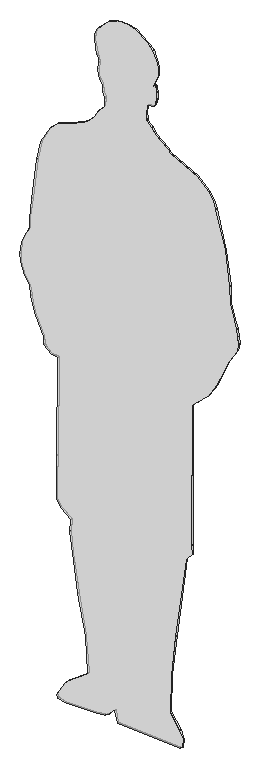
Revit family "Flat Man 21", category Entourage, Revit 2015
Parameters
  Flat Material [instance] = none
  Height = 0 mm
Reference planes
  plane 1 "Center (Front/Back)": y = 0
  plane 2: z = 0
  plane 3 "Center (Left/Right)": x = 0
Forms (mm)
  Extrusion 1, solid, material <- "Flat Material"
    sketch origin (0, 0, 0) x (1, 0, 0) y (0, 0, 1)
      loop
        line (-175.608, 897.335) -> (-169.718, 889.097) -> (-154.423, 879.683) -> (-135.586, 878.506) -> (-139.012, 625.143) -> (-141.04, 564.15) -> (-141.04, 527.554) -> (-141.04, 511.288) -> (-128.847, 495.024) -> (-98.343, 476.725) -> (-101.471, 443.991) -> (-94.819, 390.972) -> (-79.34, 292.343) -> (-57.257, 191.254) -> (-50.77, 97.532) -> (-106.725, 59.66) -> (-117.71, 49.795) -> (-139.739, 13.781) -> (-136.008, 4.099) -> (-111.56, -0.631) -> (-26.111, 4.236) -> (-1.868, 8.278) -> (10.258, 13.666) -> (16.991, 21.748) -> (26.419, 29.831) -> (34.41, 0) -> (213.218, 0) -> (220.4, 2.695) -> (223.089, 24.248) -> (212.315, 44.455) -> (185.662, 82.361) -> (188.827, 175.289) -> (200.975, 281.404) -> (231.026, 488.922) -> (249.325, 507.221) -> (247.291, 531.618) -> (249.419, 889.452) -> (264.265, 903.156) -> (295.102, 929.424) -> (319.093, 964.83) -> (337.363, 1003.66) -> (354.49, 1039.07) -> (377.332, 1074.471) -> (381.911, 1092.741) -> (378.481, 1111.021) -> (376.196, 1130.43) -> (368.201, 1149.851) -> (357.92, 1188.681) -> (355.639, 1233.221) -> (343.069, 1318.88) -> (315.662, 1414.822) -> (308.813, 1436.522) -> (296.252, 1453.651) -> (263.13, 1482.201) -> (183.606, 1515.491) -> (182.268, 1518.421) -> (179.601, 1521.091) -> (159.085, 1534.95) -> (145.228, 1545.872) -> (132.703, 1560.532) -> (126.314, 1567.461) -> (119.401, 1572.321) -> (117.991, 1577.681) -> (116.455, 1594.851) -> (119.764, 1608.101) -> (119.894, 1613.541) -> (131.127, 1615.021) -> (135.684, 1615.332) -> (139.625, 1618.361) -> (144.182, 1627.47) -> (147.221, 1639.011) -> (147.526, 1657.221) -> (146.305, 1666.641) -> (144.182, 1670.28) -> (141.753, 1671.492) -> (137.757, 1669.111) -> (151.467, 1701.672) -> (151.467, 1720.52) -> (145.753, 1738.232) -> (135.467, 1759.371) -> (119.473, 1773.081) -> (85.771, 1795.931) -> (65.772, 1800.501) -> (46.347, 1801.071) -> (34.925, 1799.931) -> (26.922, 1796.501) -> (10.361, 1789.07) -> (-5.64, 1776.51) -> (-14.204, 1767.941) -> (-17.635, 1763.371) -> (-20.557, 1763.3) -> (-26.497, 1755.192) -> (-30.285, 1744.371) -> (-32.444, 1727.612) -> (-24.337, 1693.55) -> (-20.557, 1683.821) -> (-18.928, 1674.091) -> (-21.634, 1656.792) -> (-20.557, 1639.49) -> (-16.225, 1631.38) -> (-9.195, 1621.7) -> (-7.138, 1603.161) -> (-2.187, 1589.981) -> (-1.177, 1588.68) -> (-3.583, 1567.131) -> (-11.659, 1559) -> (-19.736, 1550.861) -> (-32.306, 1532.001) -> (-49.069, 1516.291) -> (-69.498, 1503.191) -> (-78.402, 1499.001) -> (-116.758, 1484.612) -> (-135.586, 1476.372) -> (-157.955, 1459.89) -> (-185.022, 1413.99) -> (-195.612, 1363.39) -> (-210.916, 1258.64) -> (-217.969, 1205.681) -> (-216.797, 1180.971) -> (-232.092, 1157.431) -> (-240.33, 1135.071) -> (-245.039, 1105.65) -> (-243.863, 1084.461) -> (-232.092, 1052.681) -> (-216.797, 1035.03) -> (-213.264, 1009.14) -> (-209.731, 987.955) -> (-200.317, 962.065) -> (-177.956, 916.166) -> (-175.608, 897.335)
    from -2.5 to 2.5
Lines and regions (mm)
  model lines
    curve 1: line (-150, 0, 0) -> (150, 0, 0)
    curve 2: line (0, -150, 0) -> (0, 150, 0)
Dimensions and locks
  aligned and locked: level to plane 2
